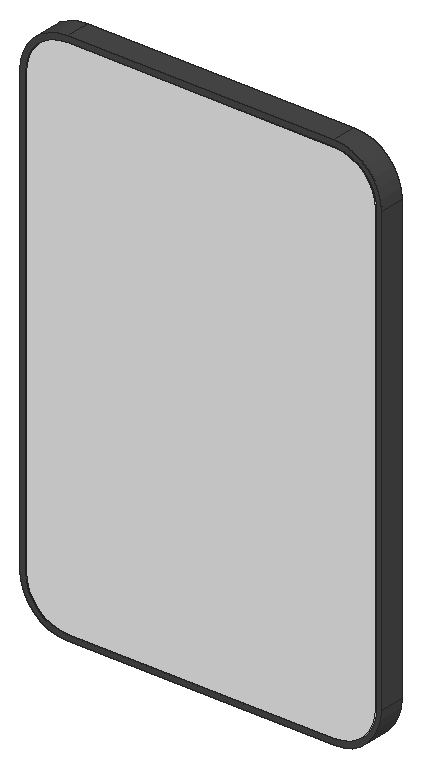
Revit family "3-010X-xx Avior Mirror", category Lighting Fixtures, host Wall, Revit 2021
Family settings
  Host = Wall
  Round Connector Dimension = Use Diameter
  Part Type = Normal
  OmniClass Number = 23.80.70.00
  OmniClass Title = Lighting
  Always vertical = Yes
  Cut with Voids When Loaded = No
  Light Source = No
  Shared = No
  Room Calculation Point = No
Parameters (values of type "3-0104-15 / Black")
  Width = 610 mm
  Height = 914 mm
  Default Elevation = 0 mm
  Wattage Comments = "1 x 72.3 W at 120 V"
  Voltage Input = "120 V or 277 V - 50/60 Hz"  # constant formula
  Voltage = 120 V
  URL = "www.oxygenlighting.com"
  References = "Ref. 3 = 120 V / Ref. 37 = 277 V"  # constant formula
  Model = "3-010X-xx / Avior Rectangle"  # constant formula
  Metal Finish 1 = 15 - Black
  Manufacturer = "Vanita by Oxygen"  # constant formula
  Lamp = "LED Array"  # constant formula
Types (4, lengths in mm): name | Width | Height | Wattage Comments
  3-0101-15 / Black | 457 | 610 | "1 x 26.7 W at 120 V"
  3-0102-15 / Black | 610 | 914 | "1 x 50.8 W at 120 V"
  3-0103-15 / Black | 610 | 914 | "1 x 58.7 W at 120 V"
  3-0104-15 / Black | 610 | 914 | "1 x 72.3 W at 120 V"
Reference planes
  plane 1: y = 0
  plane 2 "Light Source Axis (L/R)": x = 125
  plane 3 "Light Source Axis (F/R)": y = 160
  plane 4 "Light Source Elevation": z = 700
  plane 5: y = 75
Text (mm)
  text "Placement side" at (-1787.139, 1116.779, 0), in view "Ref. Level"
  text "Placement side" at (0, 2110.396, 2986.058), in view "Left"
  text "Placement side" at (0, 628.478, 3011.967), in view "Right"
Dimensions and locks
  aligned and locked: plane 1 to host wall
  aligned and locked: plane 5 to host wall
  aligned and locked: plane 5 to nested 1
  aligned and locked: nested 1 to plane 2 "Light Source Axis (L/R)"
Nested families
  nested 1: "Family1" at (125, 75, 1005) x (-1, 0, 0) z (0, 0, 1), type "Family1"
    with Width 610 mm, Height 914 mm
Connectors
  electrical at (125, 75, 1005)
    settings: on nested 1, index 1, voltage 0 V, apparent load 0 VA, apparent load phase1 0 VA, apparent load phase2 0 VA, apparent load phase3 0 VA, power factor 1, load classification "Otro", number of poles 1, system type 31, power factor state 1, is connector primary yes, connector utility no, sub classification motor no, connector description ""
Definition of nested family "Family1"
  Parameters (values of type "Family1")
    Width = 646.414 mm
    Metal Finish 1 = none
    Height = 1002 mm
    Default Elevation = 0 mm
  Reference planes
    plane 1 "Center (Front/Back)": y = 0
    plane 2: z = 0
    plane 3 "Center (Left/Right)": x = 0
    plane 4: x = 323.207
    plane 5: x = -323.207
    plane 6: z = 501
    plane 7: z = -501
    plane 8: x = 243.207
    plane 9: z = 421
    plane 10: z = -421
    plane 11: x = -243.207
    plane 12: y = -110.253
  Forms (mm)
    Extrusion 1, solid
      sketch origin (0, 0, 0) x (1, 0, 0) y (0, 0, 1)
        loop
          line (-313.707, 421) -> (-313.707, -421)
          arc (-313.707, -421) -> (-293.058, -470.851) -> (-243.207, -491.5) r 70.5
          line (-243.207, -491.5) -> (243.207, -491.5)
          arc (243.207, -491.5) -> (293.058, -470.851) -> (313.707, -421) r 70.5
          line (313.707, -421) -> (313.707, 421)
          arc (313.707, 421) -> (293.058, 470.851) -> (243.207, 491.5) r 70.5
          line (243.207, 491.5) -> (-243.207, 491.5)
          arc (-243.207, 491.5) -> (-293.058, 470.851) -> (-313.707, 421) r 70.5
      from 0 to 36.422
    Extrusion 2, solid, material <- "Metal Finish 1"
      sketch origin (0, 0, 0) x (1, 0, 0) y (0, 0, 1)
        loop
          line (243.207, 501) -> (-243.207, 501)
          arc (-243.207, 501) -> (-299.776, 477.569) -> (-323.207, 421) r 80
          line (-323.207, 421) -> (-323.207, -421)
          arc (-323.207, -421) -> (-299.776, -477.569) -> (-243.207, -501) r 80
          line (-243.207, -501) -> (243.207, -501)
          arc (243.207, -501) -> (299.776, -477.569) -> (323.207, -421) r 80
          line (323.207, -421) -> (323.207, 421)
          arc (323.207, 421) -> (299.776, 477.569) -> (243.207, 501) r 80
        loop
          line (-313.707, 421) -> (-313.707, -421)
          arc (-313.707, -421) -> (-293.058, -470.851) -> (-243.207, -491.5) r 70.5
          line (-243.207, -491.5) -> (243.207, -491.5)
          arc (243.207, -491.5) -> (293.058, -470.851) -> (313.707, -421) r 70.5
          line (313.707, -421) -> (313.707, 421)
          arc (313.707, 421) -> (293.058, 470.851) -> (243.207, 491.5) r 70.5
          line (243.207, 491.5) -> (-243.207, 491.5)
          arc (-243.207, 491.5) -> (-293.058, 470.851) -> (-313.707, 421) r 70.5
      from 0 to 42
    Extrusion 3, solid, material <- "Metal Finish 1"
      sketch origin (198.019, 0, -57.478) x (1, 0, 0) y (0, 1, 0)
        loop
          line (-441.226, -42) -> (-441.226, -110.253)
          arc (-441.226, -110.253) -> (-438.297, -117.324) -> (-431.226, -120.253) r 10
          line (-431.226, -120.253) -> (-333.827, -120.253) -> (35.188, -120.253)
          arc (35.188, -120.253) -> (42.259, -117.324) -> (45.188, -110.253) r 10
          line (45.188, -110.253) -> (45.188, -42) -> (-441.226, -42)
      from -443.522 to -441.045
  Dimensions and locks
    equal spacing: plane 4, plane 3 "Center (Left/Right)", plane 5
    equal spacing: plane 7, level, plane 6
    "Height": plane 7 to plane 6
    "Width": plane 4 to plane 5
    locked: plane 4 to plane 8 at 80
    locked: plane 5 to plane 11 at 80
    locked: plane 9 to plane 6 at 80
    locked: plane 7 to plane 10 at 80
    locked: Extrusion 3 to Extrusion 3 at 2.478
    equal spacing: Extrusion 3 sketch curve, plane 3 "Center (Left/Right)", Extrusion 3 sketch curve
    locked: plane 5 to Extrusion 3 sketch curve at 80
    locked: plane 12 to Extrusion 3 sketch curve at 10
    aligned and locked: plane 2 to level
    aligned and locked: Extrusion 2 sketch curve to plane 6
    aligned and locked: plane 7 to Extrusion 2 sketch curve
    aligned and locked: Extrusion 2 sketch curve to plane 5
    aligned and locked: Extrusion 2 sketch curve to plane 4
    aligned and locked: Extrusion 2 sketch curve to plane 11
    aligned and locked: plane 9 to Extrusion 2 sketch curve  (x2)
    aligned and locked: Extrusion 2 sketch curve to plane 8
    aligned and locked: plane 10 to Extrusion 2 sketch curve  (x2)
    aligned and locked: plane 8 to Extrusion 2 sketch curve
    aligned and locked: plane 11 to Extrusion 2 sketch curve
    aligned and locked: Extrusion 3 to plane 7
    aligned and locked: Extrusion 2 to Extrusion 3 sketch curve
    aligned and locked: plane 12 to Extrusion 3 sketch curve  (x2)
  Automatic sketch dimensions
    Extrusion 2 sketch curve to Extrusion 2 sketch curve = 0 mm  (x7)
    Extrusion 2 sketch curve to Extrusion 2 sketch curve = 9.5 mm
    Extrusion 1 sketch curve to plane 5 = 9.5 mm
    plane 7 to Extrusion 1 sketch curve = 9.5 mm
    Extrusion 1 sketch curve to plane 5 = 80 mm
    Extrusion 1 sketch curve to Extrusion 1 sketch curve = 70.5 mm
    Extrusion 1 sketch curve to plane 4 = 80 mm  (x2)
    Extrusion 1 sketch curve to plane 4 = 9.5 mm
    Extrusion 1 sketch curve to plane 6 = 80 mm
    Extrusion 3 sketch curve to plane 3 "Center (Left/Right)" = 135.807 mm
